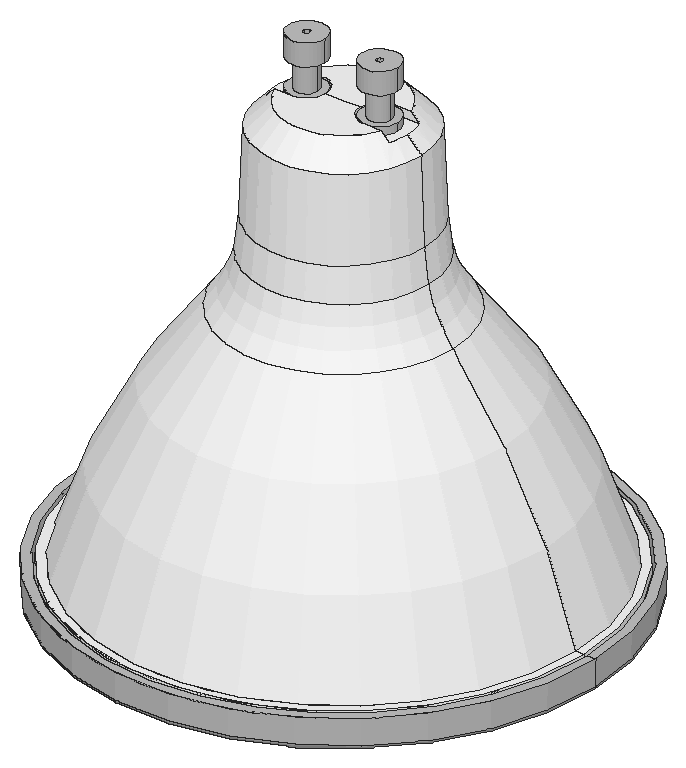
Revit family "STL23425_27_30", category Luminárias, Revit 2023
Family settings
  Cota do conector redondo = Utilizar diâmetro
  Tipo de parte = Normal
  Com base no plano de trabalho = Não
  Sempre na vertical = Sim
  Corte com vazios quando carregada = Não
  Fonte luminosa = Sim
  Manter orientação da anotação = Não
  Compartilhado = Não
  Ponto de cálculo do ambiente = Não
Parameters (values of type "STL23425/27 - BIVOLT - 2700K - 280lm - 14°")
  Ângulo de inclinação = 90.00°
  Ângulo de Abertura = "14°"
  Wattage = 1.88499 W
  URL = "https://stella.com.br/"
  Troca de temperatura da cor de lâmpada com esmaecimento = <Nenhum>
  Tensão Elétrica = "100V-240V"
  built-in parameter 1150107 = 2700 (stored number, unit not read)
  Temperatura da cor (K) = 2700 K
  Referência = "STL23425/27"
  Potência = 4.9 W
  built-in parameter 1150110 = 1 (stored number, unit not read)
  built-in parameter 1150109 = 1 (stored number, unit not read)
  built-in parameter 1114218 = 1 (stored number, unit not read)
  built-in parameter 1150112 = 1 (stored number, unit not read)
  built-in parameter 1150113 = 1 (stored number, unit not read)
  built-in parameter 1150142 = "IESNA:LM-63-2002\r\n[TEST] Viso BaseSpion - serial: 2183678036 sensor serial: 1483989726\r\n[TESTLAB] Viso BaseSpion - serial: 2183678036 sensor serial: 1483989726 - Test lab\r\n[MANUFAC] N/A\r\n[ISSUEDATE] 16/08/2023\r\n[LUMINAIRE] STELLA - STL23425/27 - AR70 PRO DIM 14°\r\n[LUMCAT] N/A\r\n[_SERIALNUMBER] VFR-230816-9928-MS\r\nTILT=NONE\r\n1 280 1 91 1 1 2 -0.0596 -0.0596 0\r\n1.0 1.0 4.85\r\n0 1 2 3 4 5 6 7 8 9 10 11 12 13 14 15 16 17 18 19 20 21 22 23 24 25 26 27 28 29 30 31 32 33 34 35 36 37 38 39 40 41 42 43 44 45 46 47 48 49 50 51 52 53 54 55 56 57 58 59 60 61 62 63 64 65 66 67 68 69 70 71 72 73 74 75 76 77 78 79 80\r\n 81 82 83 84 85 86 87 88 89 90\r\n0 \r\n3183.833496 3137.588867 3036.621338 2899.745117 2714.672607 2468.44751 2137.314697 1738.454834 1332.794922 975.919312 696.023926 493.841949 358.345276 270.163727 209.859055 165.133682 128.601501 100.739288 81.24897 68.4384 59.120167\r\n 50.486931 43.007362 37.479824 33.543476 30.258968 27.239517 24.928286 23.564444 23.076517 23.095642 22.905405 22.7502 22.783762 23.065535 23.352726 23.072958 21.99675 20.485632 19.008255 17.682762 16.506165 15.572515 15.157526 15.127337\r\n 15.493236 16.866377 19.258455 22.355934 25.407381 27.218224 26.660101 23.455833 18.771002 13.920272 9.068691 4.631058 2.651035 2.349097 2.131498 1.33684 0.502335 0.180773 0.109038 0.070886 0.06732 0.052998 0.053204 0.055948 0.055652\r\n 0.071043 0.057431 0.060477 0.051575 0.054668 0.046582 0.053269 0.060658 0.059833 0.058155 0.053448 0.044775 0.04388 0.055428 0.041488 0.050173 0.06454 0.053939 0.052721 0.052434 0.025312\r\n"
  built-in parameter 1150132 = 2
  built-in parameter 1150137 = (empty or 0)
  Modelo = "Lâmpada LED AR70 PRO 14°"
  Luminoso [instance] = Luminoso - 2700K
  built-in parameter 1150106 = 86.619 (stored number, unit not read)
  built-in parameter 1150102 = (empty or 0)
  built-in parameter 1150105 = 8661.9 (stored number, unit not read)
  IRC (Índice de reprodução de cores) = ">95 (R9>80)"
  Grau de proteção (IP) = "IP20"
  Fluxo Luminoso = 280 lm
  Color Filter = 16777215
  built-in parameter 1114217 = 1 (stored number, unit not read)
  built-in parameter 1150139 = (empty or 0)
  Fabricante = "Stella"
  Estrutura [instance] = Al - Branco
  Default Elevation = 0.00 m
  built-in parameter 1150104 = 13.8 (stored number, unit not read)
  Diâmetro = 0.07 m
  Dimerização = "20-100%"
  built-in parameter 1150115 = 1 (stored number, unit not read)
  built-in parameter 1150114 = 1 (stored number, unit not read)
  Cromado [instance] = Cromado
  Lumens = 280 lm
  built-in parameter 1150138 = (empty or 0)
  built-in parameter 1150134 = (empty or 0)
  Arquivo de rede fotométrica = "STELLA - STL23425-27 - AR70 PRO DIM 14°.ies"
  Altura = 0.067 m
  built-in parameter 1150133 = 10 (stored number, unit not read)
Types (3, lengths in m): name | Wattage | built-in parameter 1150107 | Temperatura da cor (K) | Referência | built-in parameter 1150142 | Luminoso | built-in parameter 1150106 | built-in parameter 1150105 | Fluxo Luminoso | Lumens | Arquivo de rede fotométrica
  (no name) | 1.88499 W | 2700 (stored number, unit not read) | 2700 K | "STL23425/27" | "IESNA:LM-63-2002\r\n[TEST] Viso BaseSpion - serial: 2183678036 sensor serial: 1483989726\r\n[TESTLAB] Viso BaseSpion - serial: 2183678036 sensor serial: 1483989726 - Test lab\r\n[MANUFAC] N/A\r\n[ISSUEDATE] 16/08/2023\r\n[LUMINAIRE] STELLA - STL23425/27 - AR70 PRO DIM 14°\r\n[LUMCAT] N/A\r\n[_SERIALNUMBER] VFR-230816-9928-MS\r\nTILT=NONE\r\n1 280 1 91 1 1 2 -0.0596 -0.0596 0\r\n1.0 1.0 4.85\r\n0 1 2 3 4 5 6 7 8 9 10 11 12 13 14 15 16 17 18 19 20 21 22 23 24 25 26 27 28 29 30 31 32 33 34 35 36 37 38 39 40 41 42 43 44 45 46 47 48 49 50 51 52 53 54 55 56 57 58 59 60 61 62 63 64 65 66 67 68 69 70 71 72 73 74 75 76 77 78 79 80\r\n 81 82 83 84 85 86 87 88 89 90\r\n0 \r\n3183.833496 3137.588867 3036.621338 2899.745117 2714.672607 2468.44751 2137.314697 1738.454834 1332.794922 975.919312 696.023926 493.841949 358.345276 270.163727 209.859055 165.133682 128.601501 100.739288 81.24897 68.4384 59.120167\r\n 50.486931 43.007362 37.479824 33.543476 30.258968 27.239517 24.928286 23.564444 23.076517 23.095642 22.905405 22.7502 22.783762 23.065535 23.352726 23.072958 21.99675 20.485632 19.008255 17.682762 16.506165 15.572515 15.157526 15.127337\r\n 15.493236 16.866377 19.258455 22.355934 25.407381 27.218224 26.660101 23.455833 18.771002 13.920272 9.068691 4.631058 2.651035 2.349097 2.131498 1.33684 0.502335 0.180773 0.109038 0.070886 0.06732 0.052998 0.053204 0.055948 0.055652\r\n 0.071043 0.057431 0.060477 0.051575 0.054668 0.046582 0.053269 0.060658 0.059833 0.058155 0.053448 0.044775 0.04388 0.055428 0.041488 0.050173 0.06454 0.053939 0.052721 0.052434 0.025312\r\n" | Luminoso - 2700K | 86.619 (stored number, unit not read) | 8661.9 (stored number, unit not read) | 280 lm | 280 lm | "STELLA - STL23425-27 - AR70 PRO DIM 14°.ies"
  STL23425/27 - BIVOLT - 2700K - 280lm - 14° | 1.88499 W | 2700 (stored number, unit not read) | 2700 K | "STL23425/27" | "IESNA:LM-63-2002\r\n[TEST] Viso BaseSpion - serial: 2183678036 sensor serial: 1483989726\r\n[TESTLAB] Viso BaseSpion - serial: 2183678036 sensor serial: 1483989726 - Test lab\r\n[MANUFAC] N/A\r\n[ISSUEDATE] 16/08/2023\r\n[LUMINAIRE] STELLA - STL23425/27 - AR70 PRO DIM 14°\r\n[LUMCAT] N/A\r\n[_SERIALNUMBER] VFR-230816-9928-MS\r\nTILT=NONE\r\n1 280 1 91 1 1 2 -0.0596 -0.0596 0\r\n1.0 1.0 4.85\r\n0 1 2 3 4 5 6 7 8 9 10 11 12 13 14 15 16 17 18 19 20 21 22 23 24 25 26 27 28 29 30 31 32 33 34 35 36 37 38 39 40 41 42 43 44 45 46 47 48 49 50 51 52 53 54 55 56 57 58 59 60 61 62 63 64 65 66 67 68 69 70 71 72 73 74 75 76 77 78 79 80\r\n 81 82 83 84 85 86 87 88 89 90\r\n0 \r\n3183.833496 3137.588867 3036.621338 2899.745117 2714.672607 2468.44751 2137.314697 1738.454834 1332.794922 975.919312 696.023926 493.841949 358.345276 270.163727 209.859055 165.133682 128.601501 100.739288 81.24897 68.4384 59.120167\r\n 50.486931 43.007362 37.479824 33.543476 30.258968 27.239517 24.928286 23.564444 23.076517 23.095642 22.905405 22.7502 22.783762 23.065535 23.352726 23.072958 21.99675 20.485632 19.008255 17.682762 16.506165 15.572515 15.157526 15.127337\r\n 15.493236 16.866377 19.258455 22.355934 25.407381 27.218224 26.660101 23.455833 18.771002 13.920272 9.068691 4.631058 2.651035 2.349097 2.131498 1.33684 0.502335 0.180773 0.109038 0.070886 0.06732 0.052998 0.053204 0.055948 0.055652\r\n 0.071043 0.057431 0.060477 0.051575 0.054668 0.046582 0.053269 0.060658 0.059833 0.058155 0.053448 0.044775 0.04388 0.055428 0.041488 0.050173 0.06454 0.053939 0.052721 0.052434 0.025312\r\n" | Luminoso - 2700K | 86.619 (stored number, unit not read) | 8661.9 (stored number, unit not read) | 280 lm | 280 lm | "STELLA - STL23425-27 - AR70 PRO DIM 14°.ies"
  STL23425/30 - BIVOLT - 3000K - 300lm - 14° | 2.01963 W | 3000 (stored number, unit not read) | 3000 K | "STL23425/30" | "IESNA:LM-63-2002\r\n[TEST] Viso BaseSpion - serial: 2183678036 sensor serial: 1483989726\r\n[TESTLAB] Viso BaseSpion - serial: 2183678036 sensor serial: 1483989726 - Test lab\r\n[MANUFAC] N/A\r\n[ISSUEDATE] 16/08/2023\r\n[LUMINAIRE] STELLA - STL23425/30 - AR70 PRO DIM 14°\r\n[LUMCAT] N/A\r\n[_SERIALNUMBER] VFR-230816-9928-MS\r\nTILT=NONE\r\n1 300 1 91 1 1 2 -0.0596 -0.0596 0\r\n1.0 1.0 4.85\r\n0 1 2 3 4 5 6 7 8 9 10 11 12 13 14 15 16 17 18 19 20 21 22 23 24 25 26 27 28 29 30 31 32 33 34 35 36 37 38 39 40 41 42 43 44 45 46 47 48 49 50 51 52 53 54 55 56 57 58 59 60 61 62 63 64 65 66 67 68 69 70 71 72 73 74 75 76 77 78 79 80\r\n 81 82 83 84 85 86 87 88 89 90\r\n0 \r\n3411.25 3361.702393 3253.522949 3106.869629 2908.577881 2644.765137 2289.97998 1862.630127 1427.994507 1045.627808 745.739929 529.116394 383.941345 289.461151 224.848984 176.92894 137.787323 107.934952 87.05246 73.326851 63.343037\r\n 54.09314 46.079319 40.156956 35.939438 32.420322 29.185196 26.708878 25.247618 24.724838 24.745331 24.541506 24.375214 24.411173 24.713074 25.020779 24.721025 23.567945 21.948891 20.365986 18.945816 17.685177 16.684837 16.240206 16.207861\r\n 16.599895 18.071119 20.63406 23.952785 27.222195 29.162382 28.564394 25.131248 20.111786 14.914577 9.716455 4.961848 2.840394 2.51689 2.283748 1.432328 0.538217 0.193685 0.116826 0.075949 0.072129 0.056784 0.057004 0.059944 0.059628\r\n 0.076118 0.061534 0.064796 0.055259 0.058573 0.04991 0.057074 0.064991 0.064107 0.062309 0.057266 0.047973 0.047015 0.059387 0.044451 0.053757 0.06915 0.057791 0.056487 0.056179 0.02712\r\n" | Luminoso - 3000K | 34.113 (stored number, unit not read) | 3411.3 (stored number, unit not read) | 300 lm | 300 lm | "STELLA - STL23425-30 - AR70 PRO DIM 14°.ies"
Reference planes (m)
  plane 1 "Centro (Frente/Trás)": y = 0
  plane 2: z = 0
  plane 3 "Centro (Esquerda/Direita)": x = 0
  plane 4: x = 0.035
  plane 5: x = -0.035
  plane 6 "Superior": z = 0.063061
  plane 7 "Base": z = -0.003939
  plane 8: y = 0.035
  plane 9: y = -0.035
Forms (m)
  Revolve 1, solid, material "Al - Branco" <- "Estrutura"
    sketch origin (0, 0, 0) x (1, 0, 0) y (0, 0, 1)
      loop
        line (0.0077, 0.0564) -> (0, 0.0564) -> (0, 0.0548) -> (0.007603, 0.0548) -> (0.00957, 0.052833) -> (0.009999, 0.042321)
        arc (0.009999, 0.042321) -> (0.010188, 0.040004) -> (0.010563, 0.03771) r 0.02875
        arc (0.010563, 0.03771) -> (0.011893, 0.033837) -> (0.01416, 0.030428) r 0.01602
        arc (0.01416, 0.030428) -> (0.024357, 0.015572) -> (0.030945, -0.0012) r 0.07947
        line (0.030945, -0.0012) -> (0.031727, -0.0012) -> (0.0318, -0.0026) -> (0.033208, -0.0026) -> (0.03305, -0.000789) -> (0.033009, 0) -> (0.031862, 0)
        arc (0.031862, 0) -> (0.0252, 0.016541) -> (0.015066, 0.031215) r 0.08067
        arc (0.015066, 0.031215) -> (0.012969, 0.034369) -> (0.011739, 0.037951) r 0.01482
        arc (0.011739, 0.037951) -> (0.011379, 0.04015) -> (0.011198, 0.04237) r 0.02755
        line (0.011198, 0.04237) -> (0.01075, 0.05335) -> (0.0077, 0.0564)
      axis (0, 0.0564) -> (0, -0.0026)
    angle from 0 to 360
  Revolve 2, solid, material "Cromado" <- "Cromado"
    sketch origin (0, 0, 0) x (1, 0, 0) y (0, 0, 1)
      loop
        arc (0.028601, -0.001107) -> (0.022229, 0.009946) -> (0.014111, 0.019788) r 0.076615
        line (0.014111, 0.019788) -> (0.012477, 0.019788) -> (0.012477, 0.018588) -> (0.013325, 0.018588)
        arc (0.013325, 0.018588) -> (0.021167, 0.00902) -> (0.027334, -0.001703) r 0.075215
        arc (0.027334, -0.001703) -> (0.027572, -0.002158) -> (0.027849, -0.00259) r 0.005903
        arc (0.027849, -0.00259) -> (0.028125, -0.002903) -> (0.0285, -0.003086) r 0.001067
        arc (0.0285, -0.003086) -> (0.030752, -0.003696) -> (0.033072, -0.003939) r 0.014527
        arc (0.033072, -0.003939) -> (0.033551, -0.003944) -> (0.03403, -0.003939) r 0.020296
        arc (0.03403, -0.003939) -> (0.034413, -0.003783) -> (0.034582, -0.003405) r 0.000552
        line (0.034582, -0.003405) -> (0.034641, 0) -> (0.033442, 0) -> (0.033213, -0.002612) -> (0.031899, -0.002612)
        arc (0.031899, -0.002612) -> (0.030158, -0.00206) -> (0.028601, -0.001107) r 0.007553
      axis (0, 0.019788) -> (0, -0.003939)
    angle from 0 to 360
  Revolve 3, solid, material "Cromado" <- "Cromado"
    sketch origin (0, 0, 0) x (1, 0, 0) y (0, 0, 1)
      loop
        line (-0.01279, 0.004) -> (0, 0.004) -> (0, 0.014238) -> (-0.002617, 0.014238)
        arc (-0.002617, 0.014238) -> (-0.004216, 0.013782) -> (-0.005741, 0.013119) r 0.0125
        line (-0.005741, 0.013119) -> (-0.007371, 0.019202) -> (-0.010858, 0.019202)
        arc (-0.010858, 0.019202) -> (-0.011261, 0.019369) -> (-0.011427, 0.019771) r 0.000569
        line (-0.011427, 0.019771) -> (-0.0115, 0.02185) -> (-0.018457, 0.02185) -> (-0.018378, 0.02035) -> (-0.01275, 0.02035) -> (-0.012721, 0.019519) -> (-0.012721, 0.018698) -> (-0.011921, 0.018698) -> (-0.011921, 0.017583)
        arc (-0.011921, 0.017583) -> (-0.008013, 0.013326) -> (-0.002914, 0.010607) r 0.017169
        line (-0.002914, 0.010607) -> (-0.002684, 0.006224) -> (-0.0069, 0.005702) -> (-0.013416, 0.005702) -> (-0.013357, 0.004567)
        arc (-0.013357, 0.004567) -> (-0.013191, 0.004166) -> (-0.01279, 0.004) r 0.000567
      axis (0, 0.02185) -> (0, 0.004)
    angle from 0 to 360
  Extrusion 4, void
    sketch origin (0, -0.129323, 0) x (1, 0, 0) y (0, 1, 0)
      loop
        arc (-0.002358, 0.129323) -> (-0.003131, 0.131192) -> (-0.005, 0.131966) r 0.002642
        line (-0.005, 0.131966) -> (-0.008729, 0.131966)
        arc (-0.008729, 0.131966) -> (-0.009022, 0.130744) -> (-0.009136, 0.129493) r 0.008759
        arc (-0.009136, 0.129493) -> (-0.009047, 0.12807) -> (-0.008729, 0.126681) r 0.008759
        line (-0.008729, 0.126681) -> (-0.005, 0.126681)
        arc (-0.005, 0.126681) -> (-0.003131, 0.127455) -> (-0.002358, 0.129323) r 0.002642
    from 0.0553 to 0.0564
  Extrusion 5, solid, material "Cromado" <- "Cromado"
    sketch origin (0, 0, 0) x (1, 0, 0) y (0, 1, 0)
      loop
        circle (-0.005, 0) r 0.0025
    from 0.0553 to 0.0563
  Extrusion 6, solid, material "Cromado" <- "Cromado"
    sketch origin (0, 0, 0) x (1, 0, 0) y (0, 1, 0)
      loop
        circle (-0.005, 0) r 0.0015
    from 0.0563 to 0.060161
  Extrusion 7, solid, material "Cromado" <- "Cromado"
    sketch origin (0, 0, 0) x (1, 0, 0) y (0, 1, 0)
      loop
        circle (-0.005, 0) r 0.0025
    from 0.060161 to 0.063061
  Extrusion 8, solid, material "Cromado" <- "Cromado"
    sketch origin (0, 0, 0) x (-1, 0, 0) y (0, -1, 0)
      loop
        circle (-0.005, 0) r 0.0025
    from 0.0553 to 0.0563
  Extrusion 9, solid, material "Cromado" <- "Cromado"
    sketch origin (0, 0, 0) x (-1, 0, 0) y (0, -1, 0)
      loop
        circle (-0.005, 0) r 0.0015
    from 0.0563 to 0.060161
  Extrusion 10, solid, material "Cromado" <- "Cromado"
    sketch origin (0, 0, 0) x (-1, 0, 0) y (0, -1, 0)
      loop
        circle (-0.005, 0) r 0.0025
    from 0.060161 to 0.063061
  Extrusion 11, void
    sketch origin (0, -0.129323, 0) x (-1, 0, 0) y (0, -1, 0)
      loop
        arc (-0.002358, -0.129323) -> (-0.003131, -0.127455) -> (-0.005, -0.126681) r 0.002642
        line (-0.005, -0.126681) -> (-0.008729, -0.126681)
        arc (-0.008729, -0.126681) -> (-0.009047, -0.12807) -> (-0.009136, -0.129493) r 0.008759
        arc (-0.009136, -0.129493) -> (-0.009022, -0.130744) -> (-0.008729, -0.131966) r 0.008759
        line (-0.008729, -0.131966) -> (-0.005, -0.131966)
        arc (-0.005, -0.131966) -> (-0.003131, -0.131192) -> (-0.002358, -0.129323) r 0.002642
    from 0.0553 to 0.0564
  Extrusion 12, void
    sketch origin (0, 0, 0) x (1, 0, 0) y (0, 1, 0)
      loop
        circle (-0.005, 0) r 0.00045
    from 0.0557 to 0.063061
  Extrusion 13, void
    sketch origin (0, 0, 0) x (-1, 0, 0) y (0, -1, 0)
      loop
        circle (-0.005, 0) r 0.00045
    from 0.0557 to 0.063061
  Revolve 14, solid, material "Luminoso - 2700K" <- "Luminoso"
    sketch origin (0, 0, 0) x (1, 0, 0) y (0, 0, 1)
      loop
        line (-0.013416, 0.005702) -> (-0.0069, 0.005702) -> (-0.002684, 0.006224) -> (-0.002914, 0.010607)
        arc (-0.002914, 0.010607) -> (-0.008013, 0.013326) -> (-0.011921, 0.017583) r 0.017169
        line (-0.011921, 0.017583) -> (-0.011921, 0.018698) -> (-0.012721, 0.018698) -> (-0.012721, 0.01735)
        arc (-0.012721, 0.01735) -> (-0.008812, 0.012938) -> (-0.003685, 0.010029) r 0.017969
        line (-0.003685, 0.010029) -> (-0.003522, 0.006926) -> (-0.013416, 0.005702)
      axis (0, 0.018698) -> (0, 0.005702)
    angle from 0 to 360
Cuts and joins
  Extrusion 4, Extrusion 11 cuts Revolve 1
  Extrusion 12, Extrusion 13 cuts Extrusion 5
  Extrusion 11, Extrusion 12, Extrusion 13 cuts Extrusion 6
  Extrusion 12, Extrusion 13 cuts Extrusion 7
  joined: Extrusion 5, Extrusion 6, Extrusion 7
  Extrusion 13 cuts Extrusion 8
  Extrusion 13 cuts Extrusion 9
  Extrusion 13 cuts Extrusion 10
  joined: Extrusion 8, Extrusion 9, Extrusion 10
Lines and regions (m)
  model lines
    curve 1: line (0, 0.001599, 0.0553) -> (0, -0.004963, 0.0553)
    curve 2: line (0.006069, 0, 0.063061) -> (0.006069, 0, 0.060161)
Dimensions and locks (m)
  "Altura": plane 6 "Superior" to plane 7 "Base"
  "Diâmetro": plane 5 to plane 4
  aligned and locked: level to plane 2
  aligned and locked: Extrusion 7 to Extrusion 12
  aligned and locked: Extrusion 10 to cut or joined group of Extrusion 5, Extrusion 6, Extrusion 7, Extrusion 11, Extrusion 12, Extrusion 13
Automatic sketch dimensions
  curve 1 to plane 1 "Centro (Frente/Trás)" = 0.001599 m
  plane 1 "Centro (Frente/Trás)" to curve 1 = 0.004963 m
  Revolve 1 sketch curve to Revolve 1 sketch curve = 0.00 m  (x9)
  Revolve 1 sketch curve to plane 3 "Centro (Esquerda/Direita)" = 0.00 m  (x2)
  Revolve 1 sketch curve to level = 0.00 m
  Revolve 1 sketch curve to plane 5 = 0.01084 m
  Revolve 1 sketch curve to Revolve 1 sketch curve = 0.007603 m
  Revolve 1 sketch curve to Revolve 1 sketch curve = 0.000097 m
  Revolve 1 sketch curve to Revolve 1 sketch curve = 0.001967 m  (x2)
  plane 3 "Centro (Esquerda/Direita)" to Revolve 1 sketch curve = 0.009999 m
  Revolve 1 sketch curve to Revolve 1 sketch curve = 0.00118 m
  Revolve 1 sketch curve to Revolve 1 sketch curve = 0.001199 m
  Revolve 1 sketch curve to plane 4 = 0.008744 m
  Revolve 1 sketch curve to level = 0.0012 m
  Revolve 1 sketch curve to plane 4 = 0.004055 m
  Revolve 1 sketch curve to Revolve 1 sketch curve = 0.000781 m
  Revolve 1 sketch curve to Revolve 1 sketch curve = 0.000073 m
  Revolve 1 sketch curve to Revolve 1 sketch curve = 0.000135 m
  Revolve 1 sketch curve to Revolve 1 sketch curve = 0.001147 m
  Revolve 1 sketch curve to Revolve 1 sketch curve = 0.000041 m
  Revolve 1 sketch curve to plane 4 = 0.001792 m
  plane 4 to Revolve 1 sketch curve = 0.003725 m
  Revolve 1 sketch curve to Revolve 1 sketch curve = 0.0014 m
  Revolve 1 sketch curve to level = 0.021682 m
  Revolve 1 sketch curve to level = 0.000789 m
  level to Revolve 1 sketch curve = 0.040933 m
  Revolve 1 sketch curve to Revolve 1 sketch curve = 0.011106 m
  Revolve 1 sketch curve to Revolve 1 sketch curve = 0.000049 m
  Revolve 1 sketch curve to Revolve 1 sketch curve = 0.002561 m
  Revolve 1 sketch curve to Revolve 1 sketch curve = 0.010512 m
  Revolve 1 sketch curve to Revolve 1 sketch curve = 0.000517 m
  Revolve 1 sketch curve to Revolve 1 sketch curve = 0.0016 m
  Revolve 1 sketch curve to level = 0.003956 m
  Extrusion 4 sketch curve to Extrusion 4 sketch curve = 0.00 m  (x4)
  plane 1 "Centro (Frente/Trás)" to Extrusion 4 sketch curve = 0.00 m  (x2)
  plane 1 "Centro (Frente/Trás)" to Extrusion 4 sketch curve = 0.002642 m
  Extrusion 4 sketch curve to plane 3 "Centro (Esquerda/Direita)" = 0.008729 m
  Extrusion 4 sketch curve to Extrusion 4 sketch curve = 0.003729 m
  Extrusion 4 sketch curve to plane 3 "Centro (Esquerda/Direita)" = 0.000379 m
  Extrusion 4 sketch curve to plane 1 "Centro (Frente/Trás)" = 0.00017 m
  plane 1 "Centro (Frente/Trás)" to Extrusion 5 sketch curve = 0.00 m
  Extrusion 5 sketch curve to plane 3 "Centro (Esquerda/Direita)" = 0.005 m
  plane 1 "Centro (Frente/Trás)" to Extrusion 6 sketch curve = 0.00 m
  Extrusion 6 sketch curve to plane 3 "Centro (Esquerda/Direita)" = 0.005 m
  plane 1 "Centro (Frente/Trás)" to Extrusion 7 sketch curve = 0.00 m
  Extrusion 7 sketch curve to plane 3 "Centro (Esquerda/Direita)" = 0.005 m
  plane 1 "Centro (Frente/Trás)" to Extrusion 8 sketch curve = 0.00 m
  plane 3 "Centro (Esquerda/Direita)" to Extrusion 8 sketch curve = 0.005 m
  plane 1 "Centro (Frente/Trás)" to Extrusion 9 sketch curve = 0.00 m
  plane 3 "Centro (Esquerda/Direita)" to Extrusion 9 sketch curve = 0.005 m
  plane 1 "Centro (Frente/Trás)" to Extrusion 10 sketch curve = 0.00 m
  plane 3 "Centro (Esquerda/Direita)" to Extrusion 10 sketch curve = 0.005 m
  Extrusion 11 sketch curve to Extrusion 11 sketch curve = 0.00 m  (x4)
  plane 1 "Centro (Frente/Trás)" to Extrusion 11 sketch curve = 0.00 m  (x2)
  plane 1 "Centro (Frente/Trás)" to Extrusion 11 sketch curve = 0.002642 m
  plane 3 "Centro (Esquerda/Direita)" to Extrusion 11 sketch curve = 0.008729 m
  Extrusion 11 sketch curve to Extrusion 11 sketch curve = 0.003729 m
  plane 3 "Centro (Esquerda/Direita)" to Extrusion 11 sketch curve = 0.000379 m
  Extrusion 11 sketch curve to plane 1 "Centro (Frente/Trás)" = 0.00017 m
  plane 1 "Centro (Frente/Trás)" to Extrusion 12 sketch curve = 0.00 m
  Extrusion 12 sketch curve to plane 3 "Centro (Esquerda/Direita)" = 0.005 m
  plane 1 "Centro (Frente/Trás)" to Extrusion 13 sketch curve = 0.00 m
  plane 3 "Centro (Esquerda/Direita)" to Extrusion 13 sketch curve = 0.005 m
  Revolve 14 sketch curve to Revolve 14 sketch curve = 0.00 m  (x2)
  Revolve 14 sketch curve to plane 3 "Centro (Esquerda/Direita)" = 0.00 m
  Revolve 14 sketch curve to plane 3 "Centro (Esquerda/Direita)" = 0.002684 m
  Revolve 14 sketch curve to plane 3 "Centro (Esquerda/Direita)" = 0.002914 m
  Revolve 14 sketch curve to Revolve 14 sketch curve = 0.000838 m
  Revolve 14 sketch curve to Revolve 14 sketch curve = 0.000771 m
  Revolve 14 sketch curve to Revolve 14 sketch curve = 0.003378 m
  Revolve 14 sketch curve to plane 3 "Centro (Esquerda/Direita)" = 0.011921 m
  Revolve 14 sketch curve to Revolve 14 sketch curve = 0.0008 m
  level to Revolve 14 sketch curve = 0.005702 m
  Revolve 14 sketch curve to Revolve 14 sketch curve = 0.006516 m
  plane 3 "Centro (Esquerda/Direita)" to Revolve 14 sketch curve = 0.0025 m
  Revolve 14 sketch curve to Revolve 14 sketch curve = 0.000521 m
  Revolve 14 sketch curve to Revolve 14 sketch curve = 0.000702 m
  Revolve 14 sketch curve to Revolve 14 sketch curve = 0.003103 m
  Revolve 14 sketch curve to Revolve 14 sketch curve = 0.000578 m
  Revolve 14 sketch curve to Revolve 14 sketch curve = 0.007321 m
  Revolve 14 sketch curve to Revolve 14 sketch curve = 0.001348 m
  level to Revolve 14 sketch curve = 0.002602 m
  Revolve 14 sketch curve to Revolve 14 sketch curve = 0.003202 m
  Revolve 3 sketch curve to plane 3 "Centro (Esquerda/Direita)" = 0.00 m  (x3)
  Revolve 3 sketch curve to plane 3 "Centro (Esquerda/Direita)" = 0.002617 m
  Revolve 3 sketch curve to plane 3 "Centro (Esquerda/Direita)" = 0.002684 m
  Revolve 3 sketch curve to plane 3 "Centro (Esquerda/Direita)" = 0.002914 m
  Revolve 3 sketch curve to Revolve 3 sketch curve = 0.003123 m
  Revolve 3 sketch curve to Revolve 3 sketch curve = 0.004216 m
  Revolve 3 sketch curve to Revolve 3 sketch curve = 0.00163 m
  Revolve 3 sketch curve to Revolve 3 sketch curve = 0.003487 m
  Revolve 3 sketch curve to Revolve 3 sketch curve = 0.000569 m
  Revolve 3 sketch curve to Revolve 3 sketch curve = 0.000073 m
  Revolve 3 sketch curve to Revolve 3 sketch curve = 0.001063 m
  Revolve 3 sketch curve to Revolve 3 sketch curve = 0.0008 m
  Revolve 3 sketch curve to Revolve 3 sketch curve = 0.000029 m
  level to Revolve 3 sketch curve = 0.004 m
  Revolve 3 sketch curve to Revolve 3 sketch curve = 0.00589 m
  level to Revolve 3 sketch curve = 0.004567 m
  Revolve 3 sketch curve to Revolve 3 sketch curve = 0.00006 m
  Revolve 3 sketch curve to Revolve 3 sketch curve = 0.005628 m
  Revolve 3 sketch curve to Revolve 3 sketch curve = 0.000079 m
  plane 3 "Centro (Esquerda/Direita)" to Revolve 3 sketch curve = 0.0025 m
  Revolve 3 sketch curve to Revolve 3 sketch curve = 0.001985 m
  Revolve 3 sketch curve to Revolve 3 sketch curve = 0.001136 m
  Revolve 3 sketch curve to Revolve 3 sketch curve = 0.002224 m
  Revolve 3 sketch curve to Revolve 3 sketch curve = 0.004383 m
  Revolve 3 sketch curve to Revolve 3 sketch curve = 0.002512 m
  Revolve 3 sketch curve to Revolve 3 sketch curve = 0.004464 m
  Revolve 3 sketch curve to Revolve 3 sketch curve = 0.001115 m
  Revolve 3 sketch curve to Revolve 3 sketch curve = 0.000504 m
  Revolve 3 sketch curve to Revolve 3 sketch curve = 0.000821 m
  Revolve 3 sketch curve to Revolve 3 sketch curve = 0.000831 m
  Revolve 3 sketch curve to Revolve 3 sketch curve = 0.0015 m
  Revolve 3 sketch curve to level = 0.005482 m
  Revolve 3 sketch curve to Revolve 3 sketch curve = 0.001455 m
  level to curve 1 = 0.0553 m
  curve 2 to plane 6 "Superior" = 0.00 m
  curve 2 to plane 6 "Superior" = 0.0029 m
  plane 3 "Centro (Esquerda/Direita)" to curve 2 = 0.006069 m
  Revolve 2 sketch curve to Revolve 2 sketch curve = 0.00 m  (x3)
  Revolve 2 sketch curve to plane 3 "Centro (Esquerda/Direita)" = 0.00 m
  Revolve 2 sketch curve to plane 7 "Base" = 0.00 m  (x3)
  Revolve 2 sketch curve to level = 0.00 m
  Revolve 2 sketch curve to plane 5 = 0.005731 m
  plane 3 "Centro (Esquerda/Direita)" to Revolve 2 sketch curve = 0.012477 m
  Revolve 2 sketch curve to Revolve 2 sketch curve = 0.001634 m
  Revolve 2 sketch curve to plane 4 = 0.006228 m
  plane 7 "Base" to Revolve 2 sketch curve = 0.001327 m
  Revolve 2 sketch curve to plane 4 = 0.003101 m
  level to Revolve 2 sketch curve = 0.000809 m
  Revolve 2 sketch curve to plane 4 = 0.002325 m
  Revolve 2 sketch curve to Revolve 2 sketch curve = 0.001314 m
  Revolve 2 sketch curve to plane 4 = 0.001708 m
  Revolve 2 sketch curve to plane 4 = 0.001585 m
  Revolve 2 sketch curve to Revolve 2 sketch curve = 0.000767 m
  Revolve 2 sketch curve to plane 4 = 0.001449 m
  plane 7 "Base" to Revolve 2 sketch curve = 0.000552 m
  Revolve 2 sketch curve to Revolve 2 sketch curve = 0.000816 m
  Revolve 2 sketch curve to plane 4 = 0.000418 m
  Revolve 2 sketch curve to plane 4 = 0.000359 m
  plane 7 "Base" to Revolve 2 sketch curve = 0.001884 m
  Revolve 2 sketch curve to Revolve 2 sketch curve = 0.004003 m
  Revolve 2 sketch curve to Revolve 2 sketch curve = 0.005772 m
  Revolve 2 sketch curve to Revolve 2 sketch curve = 0.0012 m
  Revolve 2 sketch curve to Revolve 2 sketch curve = 0.000848 m
  Revolve 2 sketch curve to Revolve 2 sketch curve = 0.001267 m
  Revolve 2 sketch curve to Revolve 2 sketch curve = 0.000516 m
  Revolve 2 sketch curve to Revolve 2 sketch curve = 0.00065 m
  Revolve 2 sketch curve to plane 7 "Base" = 0.004033 m
  plane 6 "Superior" to Revolve 2 sketch curve = 0.000562 m
  radius of Extrusion 5 sketch curve = 0.0025 m
  radius of Extrusion 6 sketch curve = 0.0015 m
  radius of Extrusion 7 sketch curve = 0.0025 m
  radius of Extrusion 8 sketch curve = 0.0025 m
  radius of Extrusion 9 sketch curve = 0.0015 m
  radius of Extrusion 10 sketch curve = 0.0025 m
  radius of Extrusion 12 sketch curve = 0.00045 m
  radius of Extrusion 13 sketch curve = 0.00045 m
Connectors (m)
  electrical at (0, 0, 0.063061)
    settings: index 1, voltage 0 V, apparent load 0 VA, apparent load phase1 0 VA, apparent load phase2 0 VA, apparent load phase3 0 VA, power factor 1, load classification "Outro", number of poles 1, system type 31, power factor state 1, is connector primary yes, connector utility no, sub classification motor no, connector description ""
